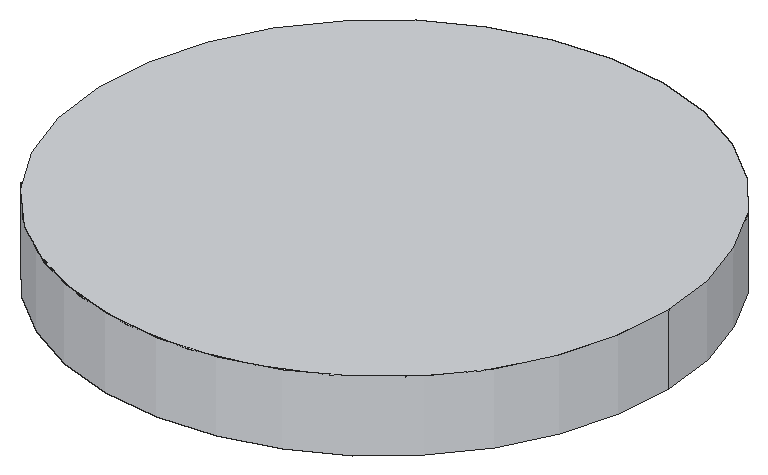
Revit family "049f4fa0389746dea6cdbada80264b5e", category Electrical Fixtures, host Face, Revit 2021
Family settings
  Host = Face
  Maintain Annotation Orientation = No
  Round Connector Dimension = Use Diameter
  Part Type = Normal
  OmniClass Number = 23.80.00.00
  OmniClass Title = Electric Power and Lighting
  Seek Item ID = Electrical Fixtures - Unbalanced Power Connector-0000-USA-ENU
  Cut with Voids When Loaded = No
  Shared = No
  Room Calculation Point = No
Parameters (values of type "480 V")
  Thickness = 0' - 0 1/8"
  Radius = 0.5 * Diameter  # 0' - 0 1/2"
  Load Classification = Other
  Diameter = 0' - 1"
  Default Elevation = 4' - 0"
  Connector Voltage = 480 V
  Connector Number of Poles = 3
Types (6): name | Connector Voltage | Connector Number of Poles
  (no name) | 480 V | 3
  120 V | 120 V | 1
  208 V | 208 V | 3
  277 V | 277 V | 1
  240 V | 240 V | 2
  480 V | 480 V | 3
Reference planes (in)
  plane 1 "Center (Front/Back)": y = 0
  plane 2: z = 0
  plane 3 "Center (Left/Right)": x = 0
  plane 4: z = 0.125
Forms (in)
  Extrusion 1, solid
    sketch origin (0, 0, 0) x (1, 0, 0) y (0, 1, 0)
      loop
        circle (0, 0) r 0.5
    from 0 to 0.125
Dimensions and locks (in)
  "Thickness": plane 4 to level
  "Radius": radius of Extrusion 1 sketch curve
  aligned and locked: plane 2 to host face
  aligned and locked: level to host face
  aligned and locked: plane 4 to Extrusion 1
  aligned and locked: plane 1 "Center (Front/Back)" to Extrusion 1 sketch curve
  aligned and locked: plane 3 "Center (Left/Right)" to Extrusion 1 sketch curve
Automatic sketch dimensions
  host sketch curve to host sketch curve = 8' - 0"  (x2)
Connectors (in)
  electrical at (0, 0, 0.125), driven by "Connector Number of Poles", driven by "Connector Voltage", driven by "Load Classification"
    settings: on Extrusion 1, index 1, voltage 480 V, apparent load 0 VA, apparent load phase1 0 VA, apparent load phase2 0 VA, apparent load phase3 0 VA, power factor 1, load classification "Other", number of poles 3, system type 31, power factor state 1, is connector primary yes, connector utility no, sub classification motor no, connector description ""
